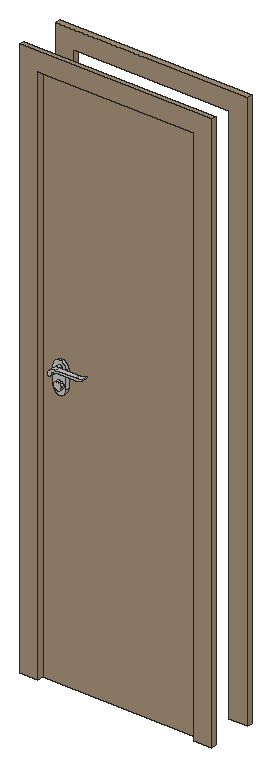
Revit family "Abrir - 1 Folha_Completa_01", category Portas, Revit 2015
Parameters (values of type "60x210")
  Tipo de construção = "residêncial"
  Máscara da folha visível [instance] = no
  Moldura da porta = Tábua de fibra orientada
  Maçaneta da porta = Painel de metal
  Marco = Amendoeira
  Largura bruta = Largura + (Espessura do Marco * 2)  # 67 cm
  Função = Interior
  Projeção da moldura externa = 2 cm
  Projeção da moldura interna = 2 cm
  Largura da moldura = 7 cm
  Folha da porta = Tábua de fibra orientada
  Espessura do Marco = 3.5 cm
  Espessura = 3.5 cm
  Autor = "Marco Rocha"
  Altura bruta = Altura + Espessura do Marco  # 213.5 cm
  Altura = 210 cm
  Fechamento da parede = Por hospedeiro
  Largura = 60 cm
Types (6, lengths in cm): name | Largura bruta | Espessura | Largura
  (no name) | 67 | 3.5 | 60
  60x210 | 67 | 3.5 | 60
  70x210 | 77 | 3.5 | 70
  80x210 | 87 | 3.5 | 80
  90x210 | 97 | 3.5 | 90
  100x210 | 107 | 4 | 100
Reference planes (cm)
  plane 1: y = 0
  plane 2 "Centro (Esquerda/Direita)": x = 0
  plane 3 "Esquerda": x = -30
  plane 4 "Direita": x = 30
  plane 5: z = 210
  plane 6 "Exterior": y = 7.5
  plane 7 "Interior": y = -7.5
  plane 8: x = -33.5
  plane 9: x = 33.5
  plane 10: z = 213.5
  plane 11: y = -4
  plane 12: x = 29
  plane 13: x = 26.5
  plane 14: y = -67.5
  plane 15: y = -60
  plane 16: y = -80
  plane 17: y = -60
Forms (cm)
  Extrusion 1, solid, material "Tábua de fibra orientada" <- "Folha da porta"
    sketch origin (0, 0, 0) x (1, 0, 0) y (0, 1, 0)
      loop
        line (-30, -4) -> (-30, -7.5) -> (30, -7.5) -> (30, -4) -> (-30, -4)
    from 0 to 210
  Extrusion 2, solid, material "Tábua de fibra orientada" <- "Moldura da porta", detail levels medium+fine
    sketch origin (0, 7.5, 0) x (1, 0, 0) y (0, 0, 1)
      loop
        line (30, 210) -> (30, 0) -> (37, 0) -> (37, 217) -> (-37, 217) -> (-37, 0) -> (-30, 0) -> (-30, 210) -> (30, 210)
    from -2 to 0
  Extrusion 3, solid, material "Tábua de fibra orientada" <- "Moldura da porta", detail levels medium+fine
    sketch origin (0, -7.5, 0) x (1, 0, 0) y (0, 0, -1)
      loop
        line (30, -210) -> (-30, -210) -> (-30, 0) -> (-37, 0) -> (-37, -217) -> (37, -217) -> (37, 0) -> (30, 0) -> (30, -210)
    from -2 to 0
Lines and regions (cm)
  Opening 1
    outline origin (-305, -7.5, 0) x (1, 0, 0) y (0, 0, 1)
      loop
        line (275, 0) -> (335, 0) -> (335, 210) -> (275, 210) -> (275, 0)
  Masking region 1, detail levels medium
    outline origin (0, 0, 0) x (0, 1, 0) y (0, 0, 1)
      loop
        line (7.5, 213.5) -> (-7.5, 213.5) -> (-7.5, 210) -> (7.5, 210) -> (7.5, 213.5)
  Masking region 2, detail levels fine
    outline origin (0, 0, 0) x (0, 1, 0) y (0, 0, 1)
      loop
        line (7.5, 213.5) -> (-7.5, 213.5) -> (-7.5, 210) -> (-4, 210) -> (-4, 209) -> (7.5, 209) -> (7.5, 213.5)
  Masking region 3, visible <- "Máscara da folha visível"
    outline origin (0, 0, 0) x (1, 0, 0) y (0, 1, 0)
      loop
        line (26.5, -7.5) -> (26.5, -67.5) -> (30, -67.5) -> (30, -7.5) -> (26.5, -7.5)
  Masking region 4, visible <- "Máscara da folha visível", detail levels fine
    outline origin (-15, 20, 0) x (0, -1, 0) y (1, 0, 0)
      loop
        line (82.5, 45) -> (82.5, 46) -> (81.5, 46) -> (81.5, 47) -> (80.8, 47) -> (80.8, 51) -> (67, 51) -> (67, 49) -> (79.2, 49) -> (79.2, 47) -> (78.5, 47) -> (78.5, 46) -> (77.5, 46) -> (77.5, 45) -> (82.5, 45)
  Masking region 5, visible <- "Máscara da folha visível", not visible, detail levels fine
    outline origin (0, 0, 0) x (0, -1, 0) y (1, 0, 0)
      loop
        line (82.5, 45) -> (82.5, 46) -> (81.5, 46) -> (81.5, 47) -> (80.8, 47) -> (80.8, 51) -> (67, 51) -> (67, 49) -> (79.2, 49) -> (79.2, 47) -> (78.5, 47) -> (78.5, 46) -> (77.5, 46) -> (77.5, 45) -> (82.5, 45)
  Masking region 6, visible <- "Máscara da folha visível", detail levels fine
    outline origin (71.5, 20, 0) x (0, 1, 0) y (-1, 0, 0)
      loop
        line (-82.5, 45) -> (-77.5, 45) -> (-77.5, 46) -> (-78.5, 46) -> (-78.5, 47) -> (-79.2, 47) -> (-79.2, 49) -> (-67, 49) -> (-67, 51) -> (-80.8, 51) -> (-80.8, 47) -> (-81.5, 47) -> (-81.5, 46) -> (-82.5, 46) -> (-82.5, 45)
  symbolic lines, style "Giro da elevação"
    curve 1: line (30, -7.5, 105) -> (-30, -7.5, 210)
    curve 2: line (30, -7.5, 105) -> (-30, -7.5, 0)
  symbolic lines, style "Doors"
    curve 3: line (26.5, -7.5, 0) -> (26.5, -67.5, 0)
    curve 4: line (30, -67.5, 0) -> (30, -7.5, 0)
    curve 5: line (26.5, -67.5, 0) -> (30, -67.5, 0)
    curve 6: line (30, -7.5, 0) -> (26.5, -7.5, 0)
  symbolic lines, style "Giro da planta"
    curve 7: arc (30, -67.5, 0) -> (-12.4264, -49.9264, 0) -> (-30, -7.5, 0) r 60
  symbolic lines, style "Puxador", detail levels fine
    curve 8: line (30, -62.5, 0) -> (30, -57.5, 0)
    curve 9: line (30, -57.5, 0) -> (31, -57.5, 0)
    curve 10: line (31, -57.5, 0) -> (31, -62.5, 0)
    curve 11: line (31, -62.5, 0) -> (30, -62.5, 0)
    curve 12: line (31, -58.5, 0) -> (32, -58.5, 0)
    curve 13: line (32, -58.5, 0) -> (32, -61.5, 0)
    curve 14: line (32, -61.5, 0) -> (31, -61.5, 0)
    curve 15: line (32, -60.8, 0) -> (36, -60.8, 0)
    curve 16: line (36, -60.8, 0) -> (36, -47, 0)
    curve 17: line (36, -47, 0) -> (34, -47, 0)
    curve 18: line (34, -47, 0) -> (34, -59.2, 0)
    curve 19: line (34, -59.2, 0) -> (32, -59.2, 0)
    curve 32: line (26.5, -62.5, 0) -> (26.5, -57.5, 0)
    curve 33: line (26.5, -57.5, 0) -> (25.5, -57.5, 0)
    curve 34: line (25.5, -57.5, 0) -> (25.5, -62.5, 0)
    curve 35: line (25.5, -62.5, 0) -> (26.5, -62.5, 0)
    curve 36: line (25.5, -58.5, 0) -> (24.5, -58.5, 0)
    curve 37: line (24.5, -58.5, 0) -> (24.5, -61.5, 0)
    curve 38: line (24.5, -61.5, 0) -> (25.5, -61.5, 0)
    curve 39: line (24.5, -60.8, 0) -> (20.5, -60.8, 0)
    curve 40: line (20.5, -60.8, 0) -> (20.5, -47, 0)
    curve 41: line (20.5, -47, 0) -> (22.5, -47, 0)
    curve 42: line (22.5, -47, 0) -> (22.5, -59.2, 0)
    curve 43: line (22.5, -59.2, 0) -> (24.5, -59.2, 0)
  symbolic lines, style "Puxador", not visible, detail levels fine
    curve 20: line (45, -82.5, 0) -> (45, -77.5, 0)
    curve 21: line (45, -77.5, 0) -> (46, -77.5, 0)
    curve 22: line (46, -77.5, 0) -> (46, -82.5, 0)
    curve 23: line (46, -82.5, 0) -> (45, -82.5, 0)
    curve 24: line (46, -78.5, 0) -> (47, -78.5, 0)
    curve 25: line (47, -78.5, 0) -> (47, -81.5, 0)
    curve 26: line (47, -81.5, 0) -> (46, -81.5, 0)
    curve 27: line (47, -80.8, 0) -> (51, -80.8, 0)
    curve 28: line (51, -80.8, 0) -> (51, -67, 0)
    curve 29: line (51, -67, 0) -> (49, -67, 0)
    curve 30: line (49, -67, 0) -> (49, -79.2, 0)
    curve 31: line (49, -79.2, 0) -> (47, -79.2, 0)
Text (cm)
  text "Exterior" at (-229.5016, 109.9543, 0), in view "Nível de referência"
  text "Exterior" at (0, 161.538, 369.8081), in view "Esquerda"
  text "Exterior" at (0, 103.6032, 387.4932), in view "Direita"
Dimensions and locks (cm)
  equal spacing: plane 3 "Esquerda", plane 2 "Centro (Esquerda/Direita)", plane 4 "Direita"
  "Largura": plane 3 "Esquerda" to plane 4 "Direita"
  "Altura": plane 5 to host wall
  equal spacing: host wall, curve 2, plane 5
  host wall to plane 10 = 213.5 cm
  locked: plane 6 "Exterior" to host wall at 0
  locked: plane 7 "Interior" to host wall
  "Espessura do Marco": plane 8 to plane 3 "Esquerda"
  "Espessura do Marco": plane 4 "Direita" to plane 9
  "Espessura do Marco": plane 10 to plane 5
  "Espessura": plane 7 "Interior" to plane 11
  locked: plane 12 to plane 4 "Direita" at 1
  "Espessura": plane 13 to plane 4 "Direita"
  "Largura": plane 14 to plane 7 "Interior"
  "Largura da moldura": Extrusion 2 sketch curve to Extrusion 2 sketch curve  (x3)
  "Projeção da moldura externa": plane 6 "Exterior" to Extrusion 2
  "Largura da moldura": Extrusion 3 sketch curve to Extrusion 3 sketch curve  (x3)
  "Projeção da moldura interna": Extrusion 3 to plane 7 "Interior"
  locked: plane 3 "Esquerda" to nested 1 at 7.5
  locked: plane 15 to plane 14 at 7.5
  locked: plane 17 to plane 14 at 7.5
  aligned and locked: plane 3 "Esquerda" to Opening 1 sketch curve
  aligned and locked: plane 5 to Opening 1 sketch curve  (x2)
  aligned and locked: Opening 1 sketch curve to plane 4 "Direita"
  aligned and locked: Opening 1 sketch curve to level
  aligned and locked: plane 5 to curve 1
  aligned and locked: plane 3 "Esquerda" to curve 2
  aligned and locked: plane 1 to host wall
  aligned and locked: plane 3 "Esquerda" to curve 1
  aligned and locked: plane 10 to Masking region 1 sketch curve
  aligned and locked: Masking region 1 sketch curve to plane 5
  aligned and locked: plane 6 "Exterior" to Masking region 1 sketch curve
  aligned and locked: Masking region 1 sketch curve to plane 7 "Interior"
  aligned and locked: Masking region 2 sketch curve to plane 6 "Exterior"
  aligned and locked: plane 11 to Masking region 2 sketch curve
  aligned and locked: Masking region 2 sketch curve to plane 5
  aligned and locked: Masking region 2 sketch curve to plane 10
  aligned and locked: Masking region 2 sketch curve to plane 7 "Interior"
  aligned and locked: curve 3 to plane 13
  aligned and locked: curve 4 to plane 4 "Direita"
  aligned and locked: curve 5 to plane 14
  aligned and locked: curve 6 to plane 7 "Interior"
  aligned and locked: curve 7 to host wall
  aligned and locked: Masking region 3 sketch curve to curve 6
  aligned and locked: Masking region 3 sketch curve to curve 3
  aligned and locked: Masking region 3 sketch curve to curve 5
  aligned and locked: Masking region 3 sketch curve to curve 4
  aligned and locked: Extrusion 1 sketch curve to plane 3 "Esquerda"
  aligned and locked: plane 4 "Direita" to Extrusion 1 sketch curve
  aligned and locked: Extrusion 1 sketch curve to plane 11
  aligned and locked: Extrusion 1 sketch curve to plane 7 "Interior"
  aligned and locked: Extrusion 1 to plane 5
  aligned and locked: plane 4 "Direita" to Extrusion 2 sketch curve
  aligned and locked: plane 5 to Extrusion 2 sketch curve
  aligned and locked: plane 3 "Esquerda" to Extrusion 2 sketch curve
  aligned and locked: Extrusion 2 sketch curve to level
  aligned and locked: level to Extrusion 2 sketch curve
  aligned and locked: Extrusion 2 to host wall
  aligned and locked: Extrusion 3 to plane 7 "Interior"
  aligned and locked: nested 1 to plane 7 "Interior"
  aligned and locked: curve 8 to plane 4 "Direita"
  aligned and locked: plane 13 to curve 32
Automatic sketch dimensions
  Masking region 4 sketch curve to Masking region 4 sketch curve = 1 cm  (x6)
  Masking region 4 sketch curve to Masking region 4 sketch curve = 2 cm
  Masking region 4 sketch curve to Masking region 4 sketch curve = 0.7 cm  (x2)
  Masking region 4 sketch curve to Masking region 4 sketch curve = 1.6 cm
  Masking region 4 sketch curve to Masking region 4 sketch curve = 10.5 cm
  plane 15 to Masking region 4 sketch curve = 2.5 cm
  Masking region 4 sketch curve to Masking region 4 sketch curve = 3 cm
  Masking region 5 sketch curve to Masking region 5 sketch curve = 1 cm  (x6)
  Masking region 5 sketch curve to Masking region 5 sketch curve = 2 cm
  Masking region 5 sketch curve to Masking region 5 sketch curve = 0.7 cm  (x2)
  Masking region 5 sketch curve to Masking region 5 sketch curve = 1.6 cm
  Masking region 5 sketch curve to Masking region 5 sketch curve = 10.5 cm
  plane 16 to Masking region 5 sketch curve = 2.5 cm
  Masking region 5 sketch curve to Masking region 5 sketch curve = 3 cm
  Masking region 6 sketch curve to Masking region 6 sketch curve = 1 cm  (x6)
  Masking region 6 sketch curve to Masking region 6 sketch curve = 2 cm
  Masking region 6 sketch curve to Masking region 6 sketch curve = 0.7 cm  (x2)
  Masking region 6 sketch curve to Masking region 6 sketch curve = 1.6 cm
  Masking region 6 sketch curve to Masking region 6 sketch curve = 10.5 cm
  Masking region 6 sketch curve to plane 17 = 2.5 cm
  Masking region 6 sketch curve to Masking region 6 sketch curve = 3 cm
  curve 2 to level = 0 cm
  plane 4 "Direita" to curve 2 = 0 cm
  plane 5 to Masking region 2 sketch curve = 1 cm
  Extrusion 3 sketch curve to level = 0 cm  (x2)
  plane 3 "Esquerda" to Extrusion 3 sketch curve = 0 cm
  plane 4 "Direita" to Extrusion 3 sketch curve = 0 cm
  Extrusion 3 sketch curve to plane 5 = 0 cm
Nested families (cm)
  nested 1: "Maçaneta da porta 2" at (-22.5, -5.75, 110), type "Maçaneta da porta 2", detail levels fine
    with Espessura do painel 3.5 cm
Definition of nested family "Maçaneta da porta 2"
  Parameters (values of type "Maçaneta da porta 2")
    Espessura do painel = 5 cm
    Material do puxador = none
    Function = (empty or 0)
  Reference planes (cm)
    plane 1 "Centro (Frente/Trás)": y = 0
    plane 2: z = 0
    plane 3 "Centro (Esquerda/Direita)": x = 0
    plane 4: y = 2.5
    plane 5: y = -2.5
    plane 6: z = -14.7114
    plane 7: y = 6.5
    plane 8: z = -6
    plane 9: y = -6.5
    plane 10: z = -6
  Forms (cm)
    Extrusion 1, solid, material <- "Material do puxador"
      sketch origin (0, -2.5, 0) x (-1, 0, 0) y (0, 0, -1)
        loop
          line (2.5, 0) -> (2.5, 7)
          arc (2.5, 7) -> (0, 9.5) -> (-2.5, 7) r 2.5
          line (-2.5, 7) -> (-2.5, 0)
          arc (-2.5, 0) -> (0, -2.5) -> (2.5, 0) r 2.5
      from 0 to 1
    Extrusion 2, solid, material <- "Material do puxador"
      sketch origin (0, 2.5, 0) x (-1, 0, 0) y (0, 0, -1)
        loop
          line (2.5, 0) -> (2.5, 7)
          arc (2.5, 7) -> (0, 9.5) -> (-2.5, 7) r 2.5
          line (-2.5, 7) -> (-2.5, 0)
          arc (-2.5, 0) -> (0, -2.5) -> (2.5, 0) r 2.5
      from 0 to -1
    Extrusion 3, solid, material <- "Material do puxador"
      sketch origin (0, -2.5, 0) x (-1, 0, 0) y (0, 0, -1)
        loop
          circle (0, 0) r 0.8
      from 1 to 4
    Extrusion 4, solid, material <- "Material do puxador"
      sketch origin (0, 2, 0) x (-1, 0, 0) y (0, 0, 1)
        loop
          circle (0, 0) r 0.8
      from 1.5 to 4.5
    Extrusion 5, solid, material <- "Material do puxador"
      sketch origin (0, -6.5, 0) x (1, 0, 0) y (0, 0, 1)
        loop
          arc (-0.6508, 0.4652) -> (-0.2443, -0.7618) -> (0.8, 0) r 0.8
          arc (0.8, 0) -> (1.4532, 0.9391) -> (2.5386, 1.3) r 1.8126
          line (2.5386, 1.3) -> (10.1644, 1.3)
          arc (10.1644, 1.3) -> (11.641, 1.5798) -> (13, 2.2214) r 5.9379
          line (13, 2.2214) -> (13, 2.5)
          arc (13, 2.5) -> (11.604, 2.1265) -> (10.1644, 2) r 8.3285
          line (10.1644, 2) -> (2.5367, 2)
          arc (2.5367, 2) -> (0.7493, 1.6348) -> (-0.6508, 0.4652) r 3.7283
      from 0 to 2
    Extrusion 6, solid, material <- "Material do puxador"
      sketch origin (0, 6.5, 0) x (1, 0, 0) y (0, 0, -1)
        loop
          arc (0.8, 0) -> (-0.2443, 0.7618) -> (-0.6508, -0.4652) r 0.8
          arc (-0.6508, -0.4652) -> (0.7493, -1.6348) -> (2.5367, -2) r 3.7283
          line (2.5367, -2) -> (10.1644, -2)
          arc (10.1644, -2) -> (11.604, -2.1265) -> (13, -2.5) r 8.3285
          line (13, -2.5) -> (13, -2.2214)
          arc (13, -2.2214) -> (11.641, -1.5798) -> (10.1644, -1.3) r 5.9379
          line (10.1644, -1.3) -> (2.5386, -1.3)
          arc (2.5386, -1.3) -> (1.4532, -0.9391) -> (0.8, 0) r 1.8126
      from 0 to 2
    Extrusion 7, solid, material <- "Material do puxador"
      sketch origin (0, -3.5, 1) x (-1, 0, 0) y (0, 0, -1)
        loop
          circle (0, 7) r 1.5
      from 0 to 1
    Extrusion 8, solid, material <- "Material do puxador"
      sketch origin (0, 3.5, 0) x (-1, 0, 0) y (0, 0, 1)
        loop
          circle (0, -6) r 1.5
      from 0 to 1
  Dimensions and locks (cm)
    equal spacing: plane 5, plane 1 "Centro (Frente/Trás)", plane 4
    "Espessura do painel": plane 5 to plane 4
    locked: plane 4 to plane 7 at 4
    locked: plane 9 to plane 5 at 4
    locked: Extrusion 6 to plane 7 at 2
    locked: plane 9 to Extrusion 5 at 2
    locked: plane 2 to plane 10 at 6
    aligned and locked: Extrusion 3 to Extrusion 1
    aligned and locked: Extrusion 4 to Extrusion 2
    aligned and locked: plane 7 to Extrusion 6
    aligned and locked: Extrusion 4 to plane 7
    aligned and locked: plane 9 to Extrusion 5
  Automatic sketch dimensions
    Extrusion 3 sketch curve to level = 0 cm
    Extrusion 3 sketch curve to plane 3 "Centro (Esquerda/Direita)" = 0 cm
    Extrusion 4 sketch curve to level = 0 cm
    Extrusion 4 sketch curve to plane 3 "Centro (Esquerda/Direita)" = 0 cm
    Extrusion 5 sketch curve to level = 0 cm  (x2)
    Extrusion 5 sketch curve to plane 3 "Centro (Esquerda/Direita)" = 0 cm
    Extrusion 5 sketch curve to plane 3 "Centro (Esquerda/Direita)" = 0.6508 cm
    plane 3 "Centro (Esquerda/Direita)" to Extrusion 5 sketch curve = 0.8 cm
    Extrusion 5 sketch curve to level = 1.7244 cm
    Extrusion 5 sketch curve to Extrusion 5 sketch curve = 1.5668 cm
    level to Extrusion 5 sketch curve = 2 cm
    Extrusion 5 sketch curve to Extrusion 5 sketch curve = 0.0019 cm
    Extrusion 5 sketch curve to Extrusion 5 sketch curve = 2.8356 cm
    Extrusion 5 sketch curve to Extrusion 5 sketch curve = 0 cm
    Extrusion 5 sketch curve to level = 0.5126 cm
    level to Extrusion 5 sketch curve = 2.2214 cm
    Extrusion 5 sketch curve to Extrusion 5 sketch curve = 0.2786 cm
    Extrusion 5 sketch curve to Extrusion 5 sketch curve = 7.2693 cm
    Extrusion 5 sketch curve to Extrusion 5 sketch curve = 0.3517 cm
    Extrusion 5 sketch curve to Extrusion 5 sketch curve = 0.3583 cm
    Extrusion 6 sketch curve to level = 0 cm
    Extrusion 6 sketch curve to plane 3 "Centro (Esquerda/Direita)" = 0 cm
    level to Extrusion 6 sketch curve = 0.4652 cm
    Extrusion 6 sketch curve to plane 3 "Centro (Esquerda/Direita)" = 0.6508 cm
    Extrusion 6 sketch curve to level = 1.7244 cm
    Extrusion 6 sketch curve to Extrusion 6 sketch curve = 1.5668 cm
    Extrusion 6 sketch curve to Extrusion 6 sketch curve = 0.0019 cm
    Extrusion 6 sketch curve to level = 0.5126 cm
    Extrusion 6 sketch curve to Extrusion 6 sketch curve = 0.1719 cm
    Extrusion 6 sketch curve to Extrusion 6 sketch curve = 7.2693 cm
    Extrusion 6 sketch curve to Extrusion 6 sketch curve = 0.3517 cm
    Extrusion 6 sketch curve to Extrusion 6 sketch curve = 0.3583 cm
    Extrusion 6 sketch curve to Extrusion 6 sketch curve = 0 cm
    level to Extrusion 6 sketch curve = 2.2214 cm
    Extrusion 6 sketch curve to Extrusion 6 sketch curve = 2.8356 cm
    Extrusion 6 sketch curve to Extrusion 6 sketch curve = 0.2786 cm
    Extrusion 1 sketch curve to plane 3 "Centro (Esquerda/Direita)" = 0 cm
    Extrusion 1 sketch curve to level = 0 cm
    Extrusion 1 sketch curve to plane 3 "Centro (Esquerda/Direita)" = 2.5 cm
    level to Extrusion 1 sketch curve = 7 cm
    Extrusion 2 sketch curve to level = 0 cm
    Extrusion 2 sketch curve to plane 3 "Centro (Esquerda/Direita)" = 0 cm
    Extrusion 2 sketch curve to plane 3 "Centro (Esquerda/Direita)" = 2.5 cm
    level to Extrusion 2 sketch curve = 7 cm
    Extrusion 7 sketch curve to plane 3 "Centro (Esquerda/Direita)" = 0 cm
    level to Extrusion 7 sketch curve = 6 cm
    Extrusion 8 sketch curve to plane 3 "Centro (Esquerda/Direita)" = 0 cm
    Extrusion 8 sketch curve to plane 8 = 0 cm
    radius of Extrusion 3 sketch curve = 0.8 cm
    radius of Extrusion 4 sketch curve = 0.8 cm
    radius of Extrusion 7 sketch curve = 1.5 cm
    radius of Extrusion 8 sketch curve = 1.5 cm
